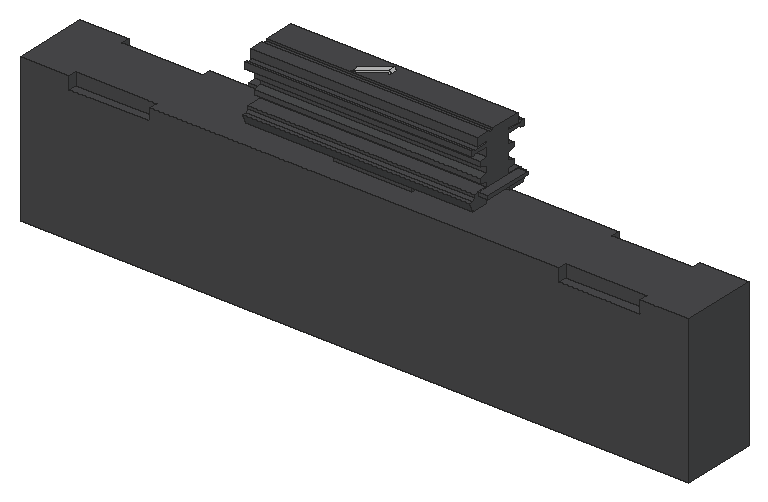
Revit family "DOT SINGLE HEAD RAIL 328_DTM15N3.5", category Luminarias, Revit 2019
Family settings
  Cota de conector redondo = Diámetro de uso
  Tipo de pieza = Normal
  Se basa en plano de trabajo = Sí
  Siempre vertical = Sí
  Corte con vacíos al cargar = No
  Origen de luz = Sí
  Compartido = No
  Punto de cálculo de habitación = No
Parameters (values of type "DOT SINGLE HEAD RAIL 328_DTM15N3.5.1535")
  Ángulo de inclinación = 60.00°
  Zone [instance] = ""
  Watt per fixture = 15
  Wattage = 15 W
  built-in parameter 1150107 = 4000 (stored number, unit not read)
  built-in parameter 1150110 = 1 (stored number, unit not read)
  built-in parameter 1150109 = 1 (stored number, unit not read)
  built-in parameter 1150112 = 1 (stored number, unit not read)
  built-in parameter 1150113 = 1 (stored number, unit not read)
  built-in parameter 1114218 = 1 (stored number, unit not read)
  Keynote = ""
  built-in parameter 1150137 = (empty or 0)
  built-in parameter 1150132 = (empty or 0)
  Modelo = "DTM15N3.5.1535"
  Lámpara = "3030SMD PHILIPS"
  built-in parameter 1150105 = 6063.3 (stored number, unit not read)
  built-in parameter 1150102 = (empty or 0)
  built-in parameter 1150106 = 60.633 (stored number, unit not read)
  Lumens = 1395 lm
  Color Filter = 16777215
  built-in parameter 1114217 = 1 (stored number, unit not read)
  built-in parameter 1150139 = (empty or 0)
  Fabricante = "BRILLANT"
  Default Elevation = 1219.2 mm
  built-in parameter 1150104 = 8.64 (stored number, unit not read)
  Descripción = "LUMINARIA DOWNLIGHT EN FORMATO RECTANGULAR COMPATIBLE CON RIEL DE 6 ENTRADAS Y 3 CIRCUITOS CON CABEZAL PARA PODER DIRIGIR LA LUMINARIA HASTA 30 GRADOS, CUERPO DE ALUMINIO ACABADO EN COLOR NEGRO, IP 20, PESO 0.86Kg, TIPO DE LED 3030SMD PHILIPS CON 15W TOTAL, 1400 LUMENES, 93LM/W, IRC 90, TEMPERATURA EN BLANCO FRIO 4000K, 50 MIL HORAS DE VIDA PROMEDIO, APERTURA ELIPTICA DE 15X35 GRADOS POR PROYECTO, ALIMENTADO A 90-240V"
  built-in parameter 1150115 = 1 (stored number, unit not read)
  built-in parameter 1150114 = 1 (stored number, unit not read)
  Comentarios de vataje = "90-240V"
  built-in parameter 1150138 = (empty or 0)
  built-in parameter 1150134 = 12
  Circuit [instance] = ""
  Dimming Lamp Color Temperature Shift = (empty or 0)
  Archivo de red fotométrica = "L328A-15W-840-B-15X35_IESNA95.IES"
  built-in parameter 1150133 = 10 (stored number, unit not read)
Reference planes
  plane 1 "Centro (Frontal/Posterior)": y = 0
  plane 2: z = 0
  plane 3 "Centro (Izquierda/Derecha)": x = 0
Forms (mm)
  Extrusion 1, solid, material "Default Form"
    sketch origin (0, 0, 0) x (1, 0, 0) y (0, 0, 1)
      loop
        line (-164, 0) -> (-164, -72) -> (164, -72) -> (164, 0) -> (-164, 0)
    from -18.326 to 18.326
  Blend 2, void
    base sketch origin (0, 0, 0) x (1, 0, 0) y (0, 1, 0)
      loop
        line (-162, 16.149) -> (-162, -16.149) -> (-144.14, -16.149) -> (-144.14, 16.149) -> (-162, 16.149)
    top sketch origin (0, 0, 0) x (1, 0, 0) y (0, 1, 0)
      loop
        line (-160, 12.149) -> (-160, -12.149) -> (-146.14, -12.149) -> (-146.14, 12.149) -> (-160, 12.149)
    from -72 to -61.591
  Blend 3, void
    base sketch origin (21.86, 0, 0) x (1, 0, 0) y (0, 1, 0)
      loop
        line (-162, 16.149) -> (-162, -16.149) -> (-144.14, -16.149) -> (-144.14, 16.149) -> (-162, 16.149)
    top sketch origin (21.86, 0, 0) x (1, 0, 0) y (0, 1, 0)
      loop
        line (-160, 12.149) -> (-160, -12.149) -> (-146.14, -12.149) -> (-146.14, 12.149) -> (-160, 12.149)
    from -72 to -61.591
  Blend 4, void
    base sketch origin (43.72, 0, 0) x (1, 0, 0) y (0, 1, 0)
      loop
        line (-162, 16.149) -> (-162, -16.149) -> (-144.14, -16.149) -> (-144.14, 16.149) -> (-162, 16.149)
    top sketch origin (43.72, 0, 0) x (1, 0, 0) y (0, 1, 0)
      loop
        line (-160, 12.149) -> (-160, -12.149) -> (-146.14, -12.149) -> (-146.14, 12.149) -> (-160, 12.149)
    from -72 to -61.591
  Blend 5, void
    base sketch origin (65.58, 0, 0) x (1, 0, 0) y (0, 1, 0)
      loop
        line (-162, 16.149) -> (-162, -16.149) -> (-144.14, -16.149) -> (-144.14, 16.149) -> (-162, 16.149)
    top sketch origin (65.58, 0, 0) x (1, 0, 0) y (0, 1, 0)
      loop
        line (-160, 12.149) -> (-160, -12.149) -> (-146.14, -12.149) -> (-146.14, 12.149) -> (-160, 12.149)
    from -72 to -61.591
  Blend 6, void
    base sketch origin (87.44, 0, 0) x (1, 0, 0) y (0, 1, 0)
      loop
        line (-162, 16.149) -> (-162, -16.149) -> (-144.14, -16.149) -> (-144.14, 16.149) -> (-162, 16.149)
    top sketch origin (87.44, 0, 0) x (1, 0, 0) y (0, 1, 0)
      loop
        line (-160, 12.149) -> (-160, -12.149) -> (-146.14, -12.149) -> (-146.14, 12.149) -> (-160, 12.149)
    from -72 to -61.591
  Blend 7, void
    base sketch origin (109.3, 0, 0) x (1, 0, 0) y (0, 1, 0)
      loop
        line (-162, 16.149) -> (-162, -16.149) -> (-144.14, -16.149) -> (-144.14, 16.149) -> (-162, 16.149)
    top sketch origin (109.3, 0, 0) x (1, 0, 0) y (0, 1, 0)
      loop
        line (-160, 12.149) -> (-160, -12.149) -> (-146.14, -12.149) -> (-146.14, 12.149) -> (-160, 12.149)
    from -72 to -61.591
  Blend 8, void
    base sketch origin (131.16, 0, 0) x (1, 0, 0) y (0, 1, 0)
      loop
        line (-162, 16.149) -> (-162, -16.149) -> (-144.14, -16.149) -> (-144.14, 16.149) -> (-162, 16.149)
    top sketch origin (131.16, 0, 0) x (1, 0, 0) y (0, 1, 0)
      loop
        line (-160, 12.149) -> (-160, -12.149) -> (-146.14, -12.149) -> (-146.14, 12.149) -> (-160, 12.149)
    from -72 to -61.591
  Blend 9, void
    base sketch origin (153.02, 0, 0) x (1, 0, 0) y (0, 1, 0)
      loop
        line (-162, 16.149) -> (-162, -16.149) -> (-144.14, -16.149) -> (-144.14, 16.149) -> (-162, 16.149)
    top sketch origin (153.02, 0, 0) x (1, 0, 0) y (0, 1, 0)
      loop
        line (-160, 12.149) -> (-160, -12.149) -> (-146.14, -12.149) -> (-146.14, 12.149) -> (-160, 12.149)
    from -72 to -61.591
  Blend 10, void
    base sketch origin (174.88, 0, 0) x (1, 0, 0) y (0, 1, 0)
      loop
        line (-162, 16.149) -> (-162, -16.149) -> (-144.14, -16.149) -> (-144.14, 16.149) -> (-162, 16.149)
    top sketch origin (174.88, 0, 0) x (1, 0, 0) y (0, 1, 0)
      loop
        line (-160, 12.149) -> (-160, -12.149) -> (-146.14, -12.149) -> (-146.14, 12.149) -> (-160, 12.149)
    from -72 to -61.591
  Blend 11, void
    base sketch origin (196.74, 0, 0) x (1, 0, 0) y (0, 1, 0)
      loop
        line (-162, 16.149) -> (-162, -16.149) -> (-144.14, -16.149) -> (-144.14, 16.149) -> (-162, 16.149)
    top sketch origin (196.74, 0, 0) x (1, 0, 0) y (0, 1, 0)
      loop
        line (-160, 12.149) -> (-160, -12.149) -> (-146.14, -12.149) -> (-146.14, 12.149) -> (-160, 12.149)
    from -72 to -61.591
  Blend 12, void
    base sketch origin (218.6, 0, 0) x (1, 0, 0) y (0, 1, 0)
      loop
        line (-162, 16.149) -> (-162, -16.149) -> (-144.14, -16.149) -> (-144.14, 16.149) -> (-162, 16.149)
    top sketch origin (218.6, 0, 0) x (1, 0, 0) y (0, 1, 0)
      loop
        line (-160, 12.149) -> (-160, -12.149) -> (-146.14, -12.149) -> (-146.14, 12.149) -> (-160, 12.149)
    from -72 to -61.591
  Blend 13, void
    base sketch origin (240.46, 0, 0) x (1, 0, 0) y (0, 1, 0)
      loop
        line (-162, 16.149) -> (-162, -16.149) -> (-144.14, -16.149) -> (-144.14, 16.149) -> (-162, 16.149)
    top sketch origin (240.46, 0, 0) x (1, 0, 0) y (0, 1, 0)
      loop
        line (-160, 12.149) -> (-160, -12.149) -> (-146.14, -12.149) -> (-146.14, 12.149) -> (-160, 12.149)
    from -72 to -61.591
  Blend 14, void
    base sketch origin (262.32, 0, 0) x (1, 0, 0) y (0, 1, 0)
      loop
        line (-162, 16.149) -> (-162, -16.149) -> (-144.14, -16.149) -> (-144.14, 16.149) -> (-162, 16.149)
    top sketch origin (262.32, 0, 0) x (1, 0, 0) y (0, 1, 0)
      loop
        line (-160, 12.149) -> (-160, -12.149) -> (-146.14, -12.149) -> (-146.14, 12.149) -> (-160, 12.149)
    from -72 to -61.591
  Blend 15, void
    base sketch origin (284.18, 0, 0) x (1, 0, 0) y (0, 1, 0)
      loop
        line (-162, 16.149) -> (-162, -16.149) -> (-144.14, -16.149) -> (-144.14, 16.149) -> (-162, 16.149)
    top sketch origin (284.18, 0, 0) x (1, 0, 0) y (0, 1, 0)
      loop
        line (-160, 12.149) -> (-160, -12.149) -> (-146.14, -12.149) -> (-146.14, 12.149) -> (-160, 12.149)
    from -72 to -61.591
  Blend 16, void
    base sketch origin (306.04, 0, 0) x (1, 0, 0) y (0, 1, 0)
      loop
        line (-162, 16.149) -> (-162, -16.149) -> (-144.14, -16.149) -> (-144.14, 16.149) -> (-162, 16.149)
    top sketch origin (306.04, 0, 0) x (1, 0, 0) y (0, 1, 0)
      loop
        line (-160, 12.149) -> (-160, -12.149) -> (-146.14, -12.149) -> (-146.14, 12.149) -> (-160, 12.149)
    from -72 to -61.591
  Extrusion 17, solid, material "Default Form"
    sketch origin (-55.628, 0, 7.5) x (0, 1, 0) y (0, 0, 1)
      loop
        line (-7.273, 1.74) -> (7.273, 1.74) -> (7.273, 0) -> (15.231, 0) -> (17.006, 4.494) -> (15.021, 4.494) -> (14.058, 5.868) -> (14.058, 7.166) -> (6.473, 7.166) -> (6.473, 9.324) -> (10.169, 10.163) -> (10.169, 12.464) -> (6.473, 13.302) -> (6.473, 16.66) -> (10.169, 17.499) -> (10.169, 19.8) -> (6.473, 20.638) -> (6.473, 25.016) -> (13.839, 25.016) -> (14.514, 24.341) -> (15.775, 24.341) -> (15.775, 27.171) -> (14.73, 27.171) -> (14.058, 26.499) -> (6.473, 26.499) -> (6.473, 27.299) -> (12.377, 27.299) -> (12.377, 31.471) -> (-2.744, 31.471) -> (-2.744, 30.671) -> (-5.514, 30.671) -> (-5.514, 31.471) -> (-12.377, 31.471) -> (-12.377, 27.299) -> (-6.473, 27.299) -> (-6.473, 26.499) -> (-14.058, 26.499) -> (-14.73, 27.171) -> (-15.775, 27.171) -> (-15.775, 24.341) -> (-14.514, 24.341) -> (-13.839, 25.016) -> (-6.473, 25.016) -> (-6.473, 20.638) -> (-10.169, 19.8) -> (-10.169, 17.499) -> (-6.473, 16.66) -> (-6.473, 13.302) -> (-10.169, 12.464) -> (-10.169, 10.163) -> (-6.473, 9.324) -> (-6.473, 7.166) -> (-14.058, 7.166) -> (-14.058, 5.868) -> (-15.021, 4.494) -> (-17.006, 4.494) -> (-15.231, 0) -> (-7.273, 0) -> (-7.273, 1.74)
    from 0 to 111.256
  Extrusion 18, solid, material "Default Form"
    sketch origin (0, 0, 0) x (1, 0, 0) y (0, 1, 0)
      loop
        line (-19.12, 6.873) -> (-19.12, -6.873) -> (19.12, -6.873) -> (19.12, 6.873) -> (-19.12, 6.873)
    from 0 to 2.67
  Extrusion 19, solid, material "Default Form"
    sketch origin (0, 0, 0) x (1, 0, 0) y (0, 1, 0)
      loop
        line (-10.93, 3.188) -> (-10.93, -3.188) -> (10.93, -3.188) -> (10.93, 3.188) -> (-10.93, 3.188)
    from 2.67 to 7.5
  Extrusion 20, void
    sketch origin (0, 0, 0) x (1, 0, 0) y (0, 1, 0)
      loop
        line (-140.14, 18.326) -> (-140.14, 14.276) -> (-100.42, 14.276) -> (-100.42, 18.326) -> (-140.14, 18.326)
      loop
        line (-140.14, -18.326) -> (-100.42, -18.326) -> (-100.42, -14.276) -> (-140.14, -14.276) -> (-140.14, -18.326)
      loop
        line (140.14, -18.326) -> (140.14, -14.276) -> (100.42, -14.276) -> (100.42, -18.326) -> (140.14, -18.326)
      loop
        line (140.14, 18.326) -> (100.42, 18.326) -> (100.42, 14.276) -> (140.14, 14.276) -> (140.14, 18.326)
    from -6.015 to 0
  Extrusion 21, solid, material "Acero Inoxidable"
    sketch origin (0, -1.594, 0) x (1, 0, 0) y (0, 0, -1)
      loop
        line (-15, -38.971) -> (3.794, -45.811) -> (4.341, -44.308) -> (3.589, -44.034) -> (3.316, -44.786) -> (-12.661, -38.971) -> (-15, -38.971)
    from 0 to 3.188
  Extrusion 22, solid, material "Default Form"
    sketch origin (0, 0, 0) x (1, 0, 0) y (0, 1, 0)
      loop
        line (-55.628, 6.473) -> (-66.331, 6.473) -> (-66.331, 0) -> (-55.628, 0) -> (-55.628, 6.473)
      loop
        line (55.628, 12.377) -> (55.628, -12.149) -> (60.628, -12.149) -> (60.628, 12.377) -> (55.628, 12.377)
    from 13.368 to 15
Cuts and joins
  Blend 2, Blend 3, Blend 4, Blend 5, Blend 6, Blend 7, Blend 8, Blend 9, Blend 10, Blend 11, Blend 12, Blend 13, Blend 14, Blend 15, Blend 16, Extrusion 20 cuts Extrusion 1
Dimensions and locks
  equal spacing: Extrusion 1, plane 1 "Centro (Frontal/Posterior)", Extrusion 1
  Extrusion 1 to plane 1 "Centro (Frontal/Posterior)" = 18.326 mm
  Extrusion 1 to Extrusion 1 = 36.651 mm
  Extrusion 1 to Extrusion 1 = 72 mm
  Extrusion 1 to Extrusion 1 = 328 mm
  equal spacing: group 1, group 2, group 3, group 4, group 5, group 6, group 7, group 8, group 9, group 10, group 11, group 12, group 13, group 14  (x3)
  cut or joined group 1 (Extrusion 1, Blend 2, Blend 3, Blend 4, Blend 5, Blend 6, Blend 7, Blend 8, Blend 9, Blend 10, Blend 11, Blend 12, Blend 13, Blend 14, Blend 15, Blend 16, Extrusion 20) to cut or joined group 1 = 72 mm
  cut or joined group 1 to cut or joined group 1 = 36.651 mm
  cut or joined group 1 to cut or joined group 1 = 328 mm
  equal spacing: cut or joined group 1, plane 1 "Centro (Frontal/Posterior)", cut or joined group 1
  locked: cut or joined group 1 to cut or joined group 1 at 23.86  (x2)
  aligned and locked: level to plane 2
  aligned and locked: Extrusion 19 to Extrusion 17
  aligned and locked: Extrusion 19 to Extrusion 18
Automatic sketch dimensions
  Blend 3 sketch curve to Blend 3 sketch curve = 17.86 mm
  Blend 3 sketch curve to Blend 3 sketch curve = 13.86 mm
  Blend 3 sketch curve to Blend 3 sketch curve = 32.298 mm
  Blend 3 sketch curve to Blend 3 sketch curve = 24.298 mm
  Blend 4 sketch curve to Blend 4 sketch curve = 17.86 mm
  Blend 4 sketch curve to Blend 4 sketch curve = 13.86 mm
  Blend 4 sketch curve to Blend 4 sketch curve = 32.298 mm
  Blend 4 sketch curve to Blend 4 sketch curve = 24.298 mm
  Blend 5 sketch curve to Blend 5 sketch curve = 17.86 mm
  Blend 5 sketch curve to Blend 5 sketch curve = 13.86 mm
  Blend 5 sketch curve to Blend 5 sketch curve = 32.298 mm
  Blend 5 sketch curve to Blend 5 sketch curve = 24.298 mm
  Blend 6 sketch curve to Blend 6 sketch curve = 17.86 mm
  Blend 6 sketch curve to Blend 6 sketch curve = 13.86 mm
  Blend 6 sketch curve to Blend 6 sketch curve = 32.298 mm
  Blend 6 sketch curve to Blend 6 sketch curve = 24.298 mm
  Blend 7 sketch curve to Blend 7 sketch curve = 17.86 mm
  Blend 7 sketch curve to Blend 7 sketch curve = 13.86 mm
  Blend 7 sketch curve to Blend 7 sketch curve = 32.298 mm
  Blend 7 sketch curve to Blend 7 sketch curve = 24.298 mm
  Blend 8 sketch curve to Blend 8 sketch curve = 17.86 mm
  Blend 8 sketch curve to Blend 8 sketch curve = 13.86 mm
  Blend 8 sketch curve to Blend 8 sketch curve = 32.298 mm
  Blend 8 sketch curve to Blend 8 sketch curve = 24.298 mm
  Blend 9 sketch curve to Blend 9 sketch curve = 17.86 mm
  Blend 9 sketch curve to Blend 9 sketch curve = 13.86 mm
  Blend 9 sketch curve to Blend 9 sketch curve = 32.298 mm
  Blend 9 sketch curve to Blend 9 sketch curve = 24.298 mm
  Blend 10 sketch curve to Blend 10 sketch curve = 17.86 mm
  Blend 10 sketch curve to Blend 10 sketch curve = 13.86 mm
  Blend 10 sketch curve to Blend 10 sketch curve = 32.298 mm
  Blend 10 sketch curve to Blend 10 sketch curve = 24.298 mm
  Blend 11 sketch curve to Blend 11 sketch curve = 17.86 mm
  Blend 11 sketch curve to Blend 11 sketch curve = 13.86 mm
  Blend 11 sketch curve to Blend 11 sketch curve = 32.298 mm
  Blend 11 sketch curve to Blend 11 sketch curve = 24.298 mm
  Blend 12 sketch curve to Blend 12 sketch curve = 17.86 mm
  Blend 12 sketch curve to Blend 12 sketch curve = 13.86 mm
  Blend 12 sketch curve to Blend 12 sketch curve = 32.298 mm
  Blend 12 sketch curve to Blend 12 sketch curve = 24.298 mm
  Blend 13 sketch curve to Blend 13 sketch curve = 17.86 mm
  Blend 13 sketch curve to Blend 13 sketch curve = 13.86 mm
  Blend 13 sketch curve to Blend 13 sketch curve = 32.298 mm
  Blend 13 sketch curve to Blend 13 sketch curve = 24.298 mm
  Blend 14 sketch curve to Blend 14 sketch curve = 17.86 mm
  Blend 14 sketch curve to Blend 14 sketch curve = 13.86 mm
  Blend 14 sketch curve to Blend 14 sketch curve = 32.298 mm
  Blend 14 sketch curve to Blend 14 sketch curve = 24.298 mm
  Blend 15 sketch curve to Blend 15 sketch curve = 17.86 mm
  Blend 15 sketch curve to Blend 15 sketch curve = 13.86 mm
  Blend 15 sketch curve to Blend 15 sketch curve = 32.298 mm
  Blend 15 sketch curve to Blend 15 sketch curve = 24.298 mm
  Blend 16 sketch curve to Blend 16 sketch curve = 17.86 mm
  Blend 16 sketch curve to Blend 16 sketch curve = 13.86 mm
  Blend 16 sketch curve to Blend 16 sketch curve = 32.298 mm
  Blend 16 sketch curve to Blend 16 sketch curve = 24.298 mm
  Extrusion 1 sketch curve to level = 0 mm
  Extrusion 1 sketch curve to level = 72 mm
  Extrusion 1 sketch curve to plane 3 "Centro (Izquierda/Derecha)" = 164 mm
  plane 3 "Centro (Izquierda/Derecha)" to Extrusion 1 sketch curve = 164 mm
  Blend 2 sketch curve to plane 1 "Centro (Frontal/Posterior)" = 16.149 mm
  Blend 2 sketch curve to plane 3 "Centro (Izquierda/Derecha)" = 162 mm
  Blend 2 sketch curve to Blend 2 sketch curve = 17.86 mm
  plane 1 "Centro (Frontal/Posterior)" to Blend 2 sketch curve = 16.149 mm
  Blend 2 sketch curve to plane 1 "Centro (Frontal/Posterior)" = 12.149 mm
  Blend 2 sketch curve to plane 3 "Centro (Izquierda/Derecha)" = 160 mm
  Blend 2 sketch curve to Blend 2 sketch curve = 13.86 mm
  plane 1 "Centro (Frontal/Posterior)" to Blend 2 sketch curve = 12.149 mm
  plane 1 "Centro (Frontal/Posterior)" to Extrusion 17 sketch curve = 17.006 mm
  plane 1 "Centro (Frontal/Posterior)" to Extrusion 17 sketch curve = 15.775 mm
  level to Extrusion 17 sketch curve = 7.5 mm  (x2)
  Extrusion 17 sketch curve to Extrusion 17 sketch curve = 1.775 mm
  Extrusion 17 sketch curve to Extrusion 17 sketch curve = 1.985 mm  (x2)
  Extrusion 17 sketch curve to Extrusion 17 sketch curve = 1.045 mm
  Extrusion 17 sketch curve to Extrusion 17 sketch curve = 1.261 mm  (x2)
  Extrusion 17 sketch curve to Extrusion 17 sketch curve = 0.963 mm  (x2)
  Extrusion 17 sketch curve to Extrusion 17 sketch curve = 0.672 mm  (x4)
  Extrusion 17 sketch curve to Extrusion 17 sketch curve = 0.675 mm  (x3)
  Extrusion 17 sketch curve to Extrusion 17 sketch curve = 2.354 mm
  Extrusion 17 sketch curve to Extrusion 17 sketch curve = 4.345 mm
  Extrusion 17 sketch curve to Extrusion 17 sketch curve = 3.89 mm  (x2)
  plane 1 "Centro (Frontal/Posterior)" to Extrusion 17 sketch curve = 7.273 mm
  Extrusion 17 sketch curve to Extrusion 17 sketch curve = 3.696 mm  (x4)
  Extrusion 17 sketch curve to Extrusion 17 sketch curve = 5.904 mm  (x2)
  Extrusion 17 sketch curve to Extrusion 17 sketch curve = 0 mm  (x3)
  Extrusion 17 sketch curve to Extrusion 17 sketch curve = 0.959 mm
  plane 1 "Centro (Frontal/Posterior)" to Extrusion 17 sketch curve = 2.744 mm
  Extrusion 17 sketch curve to plane 1 "Centro (Frontal/Posterior)" = 6.473 mm  (x2)
  Extrusion 17 sketch curve to Extrusion 17 sketch curve = 0.8 mm  (x3)
  Extrusion 17 sketch curve to Extrusion 17 sketch curve = 1.462 mm
  Extrusion 17 sketch curve to Extrusion 17 sketch curve = 0.22 mm
  Extrusion 17 sketch curve to Extrusion 17 sketch curve = 0.21 mm
  Extrusion 17 sketch curve to Extrusion 17 sketch curve = 1.74 mm
  Extrusion 17 sketch curve to Extrusion 17 sketch curve = 4.494 mm  (x2)
  Extrusion 17 sketch curve to Extrusion 17 sketch curve = 1.375 mm  (x2)
  Extrusion 17 sketch curve to Extrusion 17 sketch curve = 5.426 mm  (x2)
  Extrusion 17 sketch curve to Extrusion 17 sketch curve = 2.158 mm  (x2)
  Extrusion 17 sketch curve to Extrusion 17 sketch curve = 0.839 mm  (x8)
  Extrusion 17 sketch curve to Extrusion 17 sketch curve = 2.301 mm  (x4)
  Extrusion 17 sketch curve to Extrusion 17 sketch curve = 3.358 mm  (x2)
  Extrusion 17 sketch curve to Extrusion 17 sketch curve = 4.541 mm  (x2)
  Extrusion 17 sketch curve to Extrusion 17 sketch curve = 4.378 mm
  Extrusion 17 sketch curve to Extrusion 17 sketch curve = 1.483 mm  (x2)
  Extrusion 17 sketch curve to Extrusion 17 sketch curve = 3.372 mm
  Extrusion 17 sketch curve to Extrusion 17 sketch curve = 4.172 mm  (x2)
  plane 1 "Centro (Frontal/Posterior)" to Extrusion 18 sketch curve = 6.873 mm
  Extrusion 18 sketch curve to plane 3 "Centro (Izquierda/Derecha)" = 19.12 mm
  plane 3 "Centro (Izquierda/Derecha)" to Extrusion 18 sketch curve = 19.12 mm
  Extrusion 18 sketch curve to plane 1 "Centro (Frontal/Posterior)" = 6.873 mm
  plane 1 "Centro (Frontal/Posterior)" to Extrusion 19 sketch curve = 3.188 mm
  Extrusion 19 sketch curve to plane 3 "Centro (Izquierda/Derecha)" = 10.93 mm
  plane 3 "Centro (Izquierda/Derecha)" to Extrusion 19 sketch curve = 10.93 mm
  Extrusion 19 sketch curve to plane 1 "Centro (Frontal/Posterior)" = 3.188 mm
  Extrusion 20 sketch curve to plane 1 "Centro (Frontal/Posterior)" = 18.326 mm
  Extrusion 20 sketch curve to plane 3 "Centro (Izquierda/Derecha)" = 140.14 mm
  Extrusion 20 sketch curve to Extrusion 20 sketch curve = 0 mm  (x4)
  plane 1 "Centro (Frontal/Posterior)" to Extrusion 20 sketch curve = 18.326 mm
  Extrusion 20 sketch curve to Extrusion 20 sketch curve = 39.72 mm  (x2)
  Extrusion 20 sketch curve to plane 1 "Centro (Frontal/Posterior)" = 14.276 mm
  plane 3 "Centro (Izquierda/Derecha)" to Extrusion 20 sketch curve = 100.42 mm
  plane 1 "Centro (Frontal/Posterior)" to Extrusion 20 sketch curve = 14.276 mm
  Extrusion 20 sketch curve to Extrusion 20 sketch curve = 4.049 mm  (x4)
  Extrusion 21 sketch curve to plane 3 "Centro (Izquierda/Derecha)" = 15 mm
  Extrusion 21 sketch curve to Extrusion 21 sketch curve = 2.339 mm
  plane 3 "Centro (Izquierda/Derecha)" to Extrusion 21 sketch curve = 3.316 mm
  Extrusion 21 sketch curve to Extrusion 21 sketch curve = 0.274 mm
  Extrusion 21 sketch curve to Extrusion 21 sketch curve = 0.478 mm
  Extrusion 21 sketch curve to Extrusion 21 sketch curve = 0.752 mm
  level to Extrusion 21 sketch curve = 45.811 mm
  plane 1 "Centro (Frontal/Posterior)" to Extrusion 22 sketch curve = 0 mm
  Extrusion 22 sketch curve to plane 1 "Centro (Frontal/Posterior)" = 6.473 mm
  Extrusion 22 sketch curve to plane 3 "Centro (Izquierda/Derecha)" = 66.331 mm
  Extrusion 22 sketch curve to Extrusion 22 sketch curve = 10.703 mm
  Extrusion 22 sketch curve to plane 1 "Centro (Frontal/Posterior)" = 12.377 mm
  plane 3 "Centro (Izquierda/Derecha)" to Extrusion 22 sketch curve = 55.628 mm
  Extrusion 22 sketch curve to Extrusion 22 sketch curve = 5 mm
  plane 1 "Centro (Frontal/Posterior)" to Extrusion 22 sketch curve = 12.149 mm
Connectors
  electrical at (0, 0, 0)
    settings: on cut or joined group 1, index 1, voltage 240 V, apparent load 0 VA, apparent load phase1 0 VA, apparent load phase2 0 VA, apparent load phase3 0 VA, power factor 1, load classification "Otro", number of poles 1, system type 31, power factor state 1, is connector primary yes, connector utility no, sub classification motor no, connector description ""
